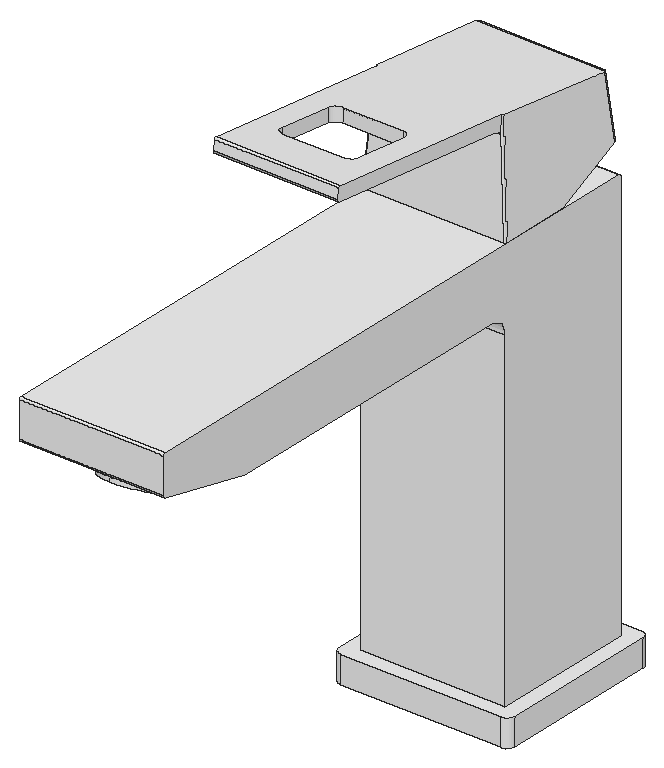
Revit family "Faucet-Lavatory-Grohe-Eurocube-23670000", category Plumbing Fixtures, Revit 2019
Family settings
  Round Connector Dimension = Use Diameter
  Part Type = Normal
  OmniClass Number = 23.45.55.14
  OmniClass Title = Single Faucets
  Work Plane-Based = Yes
  Always vertical = No
  Cut with Voids When Loaded = No
  Shared = Yes
  Room Calculation Point = No
Parameters (values of type "23670000")
  Waste Connection = no
  WFU = 2  # constant formula
  Vent Connection = no
  URL = "https://www.grohe.us/"
  Tempered Water Connection = yes
  Revised Date = "05/31/2023"  # constant formula
  Product Page URL = "https://www.grohe.us/Single-Hole-Faucets/Single-Hole-Single-Handle-M-Size-Bathroom-Faucet-12-GPM/GROHE-CHROME-23670000"
  Product Documentation Link = "https://americanstandard.box.com/shared/static/uikcdflii6fzi28j9h64ykug421v3ghu.pdf"
  Model = "23670000"
  Material = "Metal-Grohe-000-StarLight Chrome"
  Manufacturer = "Grohe"
  Length = 5 1/4"  # constant formula
  Installation Type = "Deck-Mounted"
  Height = 6 3/4"  # constant formula
  HWFU = 1.5  # constant formula
  HW Connection = no
  Flow Rate = "1.2 GPM"
  Finish = Metal-Grohe-000-StarLight Chrome
  Description = "Single Hole Single-Handle M-Size Bathroom Faucet 1.2 GPM"
  Default Elevation = 0"
  Creation Date = "02/06/2017"  # constant formula
  Connection Size = 3/8"  # constant formula
  Compliance Certifications = "• ADA• WaterSense• CEC Certified• Low Lead Certified• CALGreen Compliant• Massachusetts Plumbing Board Approved• Energy Policy Act of 1992• NSF 61• NSF 372• CSA B125.1• ASME A112.18.1• Complies with lead plumbing laws"  # constant formula
  CalGreen Compliant = yes
  CWFU = 1.5  # constant formula
  CW Connection = no
  CEC Compliant = yes
  Assembly Code = "D2020300"
  ADA Compliant = yes
  46786000 Lever = no
  46715000 Fitting Ring = no
  46580000 Cartridge = no
Types (5): name | Product Page URL | Model | Material | Finish
  (no name) | "https://www.grohe.us/Single-Hole-Faucets/Single-Hole-Single-Handle-M-Size-Bathroom-Faucet-12-GPM/GROHE-CHROME-23670000" | "23670000" | "Metal-Grohe-000-StarLight Chrome" | Metal-Grohe-000-StarLight Chrome
  23670000 | "https://www.grohe.us/Single-Hole-Faucets/Single-Hole-Single-Handle-M-Size-Bathroom-Faucet-12-GPM/GROHE-CHROME-23670000" | "23670000" | "Metal-Grohe-000-StarLight Chrome" | Metal-Grohe-000-StarLight Chrome
  23670A00 | "https://www.grohe.us/Single-Hole-Faucets/Single-Hole-Single-Handle-M-Size-Bathroom-Faucet-12-GPM/GROHE-HARD-GRAPHITE-23670A00" | "23670A00" | "Metal-Grohe-A00-Hard Graphite" | Metal-Grohe-A00-Hard Graphite
  23670EN0 | "https://www.grohe.us/Single-Hole-Faucets/Single-Hole-Single-Handle-M-Size-Bathroom-Faucet-12-GPM/GROHE-BRUSHED-NICKEL-23670EN0" | "23670EN0" | "Metal-Grohe-EN0-Brushed Nickel" | Metal-Grohe-EN0-Brushed Nickel
  23670GN0 | "https://www.grohe.us/Single-Hole-Faucets/Single-Hole-Single-Handle-M-Size-Bathroom-Faucet-12-GPM/GROHE-CHROME-23670000" | "23670GN0" | "Metal-Grohe-GN0-Brushed Cool Sunrise" | Metal-Grohe-GN0-Brushed Cool Sunrise
Reference planes (in)
  plane 1 "Center (Front/Back)": y = 0
  plane 2: z = 0
  plane 3 "Center (Left/Right)": x = 0
  plane 4: x = -1.03125
  plane 5: x = 1.03125
  plane 6: y = 1.03125
  plane 7: y = -1.03125
  plane 8: x = -0.84646
  plane 9: x = 0.84646
  plane 10: through (0, -3.8125, 3.6875) normal (0, -0.9205, 0.3907)
  plane 11: x = -0.79326
  plane 12: x = 0.79326
  plane 13: z = 6.75
  plane 14: z = 4.3125
  plane 15: y = -5.25
  plane 16: y = 1.4375
Forms (in)
  Extrusion 1, solid, material "Metal-Grohe-000-StarLight Chrome" <- "Finish"
    sketch origin (0, 0, 0) x (1, 0, 0) y (0, 1, 0)
      loop
        arc (-0.93662, 1.03125) -> (-1.00353, 1.00353) -> (-1.03125, 0.93662) r 0.09463
        line (-1.03125, 0.93662) -> (-1.03125, -0.9375)
        arc (-1.03125, -0.9375) -> (-1.00379, -1.00379) -> (-0.9375, -1.03125) r 0.09375
        line (-0.9375, -1.03125) -> (0.9375, -1.03125)
        arc (0.9375, -1.03125) -> (1.00379, -1.00379) -> (1.03125, -0.9375) r 0.09375
        line (1.03125, -0.9375) -> (1.03125, 0.9375)
        arc (1.03125, 0.9375) -> (1.00379, 1.00379) -> (0.9375, 1.03125) r 0.09375
        line (0.9375, 1.03125) -> (-0.93662, 1.03125)
    from 0 to 0.31496
  Sweep 2, solid, material "Metal-Grohe-000-StarLight Chrome" <- "Finish"
    path origin (0, 0, 0) x (0, 1, 0) y (0, 0, 1)
      loop
        line (1.14577, 2.30418) -> (0.71825, 1.12956)
    profile origin (0, 0.93201, 1.71687) x (0, 0.939693, -0.34202) y (1, 0, 0)
      loop
        circle (0, 0) r 0.07813
  Revolve 3, solid, material "Metal-Grohe-000-StarLight Chrome" <- "Finish"
    sketch origin (0, 0, 0.58124) x (0, 1, 0) y (0, 0, 1)
      loop
        line (0.48244, 4.84381) -> (0, 4.84381) -> (0, 4.36354) -> (0.78769, 4.36354)
        arc (0.78769, 4.36354) -> (0.67976, 4.63209) -> (0.48244, 4.84381) r 0.7908
      axis (0, 4.84381) -> (0, 4.36354)
    angle from 0 to 360
  Blend 4, solid, material "Metal-Grohe-000-StarLight Chrome" <- "Finish"
    base sketch origin (0, 0, 0.58124) x (1, 0, 0) y (0, 1, 0)
      loop
        arc (-0.82677, 0.84646) -> (-0.84069, 0.84069) -> (-0.84646, 0.82677) r 0.01969
        line (-0.84646, 0.82677) -> (-0.84646, -0.82677)
        arc (-0.84646, -0.82677) -> (-0.84069, -0.84069) -> (-0.82677, -0.84646) r 0.01969
        line (-0.82677, -0.84646) -> (0.82677, -0.84646)
        arc (0.82677, -0.84646) -> (0.84069, -0.84069) -> (0.84646, -0.82677) r 0.01969
        line (0.84646, -0.82677) -> (0.84646, 0.82677)
        arc (0.84646, 0.82677) -> (0.84069, 0.84069) -> (0.82677, 0.84646) r 0.01969
        line (0.82677, 0.84646) -> (-0.82677, 0.84646)
    top sketch origin (0, 0, 0.58124) x (1, 0, 0) y (0, 1, 0)
      loop
        line (0.68781, 0.72494) -> (-0.68837, 0.72494)
        arc (-0.68837, 0.72494) -> (-0.71835, 0.71252) -> (-0.73076, 0.68255) r 0.04239
        line (-0.73076, 0.68255) -> (-0.73076, -0.73275)
        arc (-0.73076, -0.73275) -> (-0.7239, -0.74932) -> (-0.70732, -0.75619) r 0.02344
        line (-0.70732, -0.75619) -> (0.70734, -0.75619)
        arc (0.70734, -0.75619) -> (0.72391, -0.74932) -> (0.73078, -0.73275) r 0.02344
        line (0.73078, -0.73275) -> (0.73078, 0.68197)
        arc (0.73078, 0.68197) -> (0.71819, 0.71235) -> (0.68781, 0.72494) r 0.04297
    from 4.60602 to 6.04523
  Extrusion 5, solid, material "Metal-Grohe-000-StarLight Chrome" <- "Finish"
    sketch origin (0, 0, 0.58124) x (0, 1, 0) y (0, 0, 1)
      loop
        line (-3.13618, 6.01245) -> (-0.86052, 5.73304)
        arc (-0.86052, 5.73304) -> (-0.78312, 5.69013) -> (-0.75725, 5.60551) r 0.11811
        line (-0.75725, 5.60551) -> (0.66793, 5.48082) -> (0.66793, 6.58648) -> (-3.08553, 6.58648) -> (-3.15332, 6.03439)
        arc (-3.15332, 6.03439) -> (-3.14929, 6.01987) -> (-3.13618, 6.01245) r 0.01969
    from -0.73076 to 0.73078
  Extrusion 6, void
    sketch origin (0, 0, 0.58124) x (0, 1, 0) y (0, 0, 1)
      loop
        arc (0.73725, 5.69552) -> (0.75821, 5.68683) -> (0.76689, 5.66587) r 0.02965
        line (0.76689, 5.66587) -> (0.82534, 5.66587) -> (0.82534, 6.69882) -> (-3.37397, 6.69882) -> (-3.37397, 6.0964) -> (-3.18075, 6.0964) -> (-3.13893, 6.15162)
        arc (-3.13893, 6.15162) -> (-3.13151, 6.16473) -> (-3.11699, 6.16876) r 0.01969
        line (-3.11699, 6.16876) -> (0.73725, 5.69552)
    from -0.82591 to 0.84646
  Extrusion 7, void
    sketch origin (0, 0, 0.58124) x (1, 0, 0) y (0, 1, 0)
      loop
        line (-0.45276, -1.82688) -> (-0.45276, -2.50982)
        arc (-0.45276, -2.50982) -> (-0.42301, -2.58164) -> (-0.35119, -2.61139) r 0.10156
        line (-0.35119, -2.61139) -> (0.35119, -2.61139)
        arc (0.35119, -2.61139) -> (0.42301, -2.58164) -> (0.45276, -2.50982) r 0.10156
        line (0.45276, -2.50982) -> (0.45276, -1.82873)
        arc (0.45276, -1.82873) -> (0.42301, -1.75692) -> (0.35119, -1.72717) r 0.10156
        line (0.35119, -1.72717) -> (-0.35305, -1.72717)
        arc (-0.35305, -1.72717) -> (-0.42355, -1.75637) -> (-0.45276, -1.82688) r 0.09971
    from 5.36809 to 6.40603
  Extrusion 8, void
    sketch origin (0, 0, 0) x (0, 1, 0) y (0, 0, 1)
      loop
        line (1.03125, 5.63579) -> (0, 5.18726) -> (1.03125, 5.18726) -> (1.03125, 5.63579)
    from -1.03125 to 1.03125
  Extrusion 9, solid, material "Metal-Grohe-000-StarLight Chrome" <- "Finish"
    sketch origin (0, 0, 0.64359) x (0, 1, 0) y (0, 0, 1)
      loop
        line (0.84646, -0.64359) -> (0.84646, 4.50596)
        arc (0.84646, 4.50596) -> (0.84013, 4.52123) -> (0.82485, 4.52756) r 0.0216
        line (0.82485, 4.52756) -> (-5.83552, 4.52756)
        arc (-5.83552, 4.52756) -> (-5.85021, 4.52147) -> (-5.8563, 4.50678) r 0.02078
        line (-5.8563, 4.50678) -> (-5.8563, 4.08648)
        arc (-5.8563, 4.08648) -> (-5.85087, 4.07082) -> (-5.83691, 4.06188) r 0.0253
        line (-5.83691, 4.06188) -> (-4.66309, 3.78007) -> (-1.04487, 3.78007)
        arc (-1.04487, 3.78007) -> (-0.90457, 3.72196) -> (-0.84646, 3.58166) r 0.19841
        line (-0.84646, 3.58166) -> (-0.84646, -0.64359) -> (0.84646, -0.64359)
    from -0.84646 to 0.84646
  Revolve 10, solid, material "Metal-Grohe-000-StarLight Chrome" <- "Finish"
    sketch origin (0, -1.46655, 0.65921) x (0, 1, 0) y (0, 0, 1)
      loop
        line (-4.12126, 3.79998) -> (-3.81865, 3.673) -> (-3.66563, 4.0335) -> (-4.09356, 4.21515) -> (-4.20153, 3.96079)
        arc (-4.20153, 3.96079) -> (-4.20182, 3.92724) -> (-4.17831, 3.90332) r 0.04383
        line (-4.17831, 3.90332) -> (-4.11771, 3.8776) -> (-4.12126, 3.79998)
      axis (-3.66563, 4.0335) -> (-3.81918, 3.67175)
    angle from 0 to 360
  Extrusion 11, solid, material "Metal-Grohe-000-StarLight Chrome" <- "Finish"
    sketch origin (0, -0.0625, 0) x (0, 1, 0) y (0, 0, 1)
      loop
        line (1.49962, 2.39535) -> (0.92205, 2.39535) -> (0.92205, 2.14535) -> (1.49962, 2.14535) -> (1.49962, 2.39535)
    from -0.34003 to 0.35119
Cuts and joins
  Extrusion 6, Extrusion 8 cuts Blend 4
  Extrusion 6, Extrusion 7 cuts Extrusion 5
  joined: Extrusion 1, Sweep 2, Revolve 3, Blend 4, Extrusion 5, Extrusion 9, Revolve 10, Extrusion 11
Lines and regions (in)
  Masking region 1
    outline origin (0, 0, 0) x (1, 0, 0) y (0, 1, 0)
      loop
        line (0.9375, 1.03125) -> (0.35119, 1.03125) -> (0.35119, 1.4375) -> (-0.34003, 1.4375) -> (-0.34003, 1.03125) -> (-0.93662, 1.03125)
        arc (-0.93662, 1.03125) -> (-1.00353, 1.00353) -> (-1.03125, 0.93662) r 0.09463
        line (-1.03125, 0.93662) -> (-1.03125, -0.9375)
        arc (-1.03125, -0.9375) -> (-1.00379, -1.00379) -> (-0.9375, -1.03125) r 0.09375
        line (-0.9375, -1.03125) -> (-0.84646, -1.03125) -> (-0.84646, -5.84794) -> (0.84646, -5.84794) -> (0.84646, -1.03125) -> (0.9375, -1.03125)
        arc (0.9375, -1.03125) -> (1.00379, -1.00379) -> (1.03125, -0.9375) r 0.09375
        line (1.03125, -0.9375) -> (1.03125, 0.9375)
        arc (1.03125, 0.9375) -> (1.00379, 1.00379) -> (0.9375, 1.03125) r 0.09375
  symbolic lines, detail levels medium+fine
    curve 1: line (-0.84646, -1.03125, 0) -> (-0.84646, 0.84646, 0)
    curve 2: line (-0.84646, 0.84646, 0) -> (-0.07812, 0.84646, 0)
    curve 3: line (-0.07812, 0.84646, 0) -> (-0.07812, 0.92205, 0)
    curve 4: line (0.84646, -1.03125, 0) -> (0.84646, 0.84646, 0)
    curve 5: line (0.84646, 0.84646, 0) -> (0.07813, 0.84646, 0)
    curve 6: line (0.07813, 0.84646, 0) -> (0.07813, 0.92205, 0)
    curve 8: line (-0.73076, 0.72858, 0) -> (-0.73076, -3.15347, 0)
    curve 9: line (0.73078, -3.15347, 0) -> (0.73078, 0.72244, 0)
    curve 10: line (-0.73076, -3.15347, 0) -> (0.73078, -3.15347, 0)
    curve 11: line (-0.70438, 0.75496, 0) -> (0.69826, 0.75496, 0)
    curve 22: line (-0.34003, 1.03125, 0) -> (-0.34003, 0.92205, 0)
    curve 23: line (-0.34003, 0.92205, 0) -> (0.35119, 0.92205, 0)
    curve 24: line (0.35119, 0.92205, 0) -> (0.35119, 1.03125, 0)
  symbolic lines, detail levels fine
    curve 7: line (-0.07812, 0.84646, 0) -> (0.07813, 0.84646, 0)
    curve 12: arc (-0.70438, 0.75496, 0) -> (-0.72303, 0.74723, 0) -> (-0.73076, 0.72858, 0) r 0.02638
    curve 13: arc (0.69826, 0.75496, 0) -> (0.72126, 0.74544, 0) -> (0.73078, 0.72244, 0) r 0.03252
    curve 14: line (0.35119, -1.72717, 0) -> (-0.35305, -1.72717, 0)
    curve 15: line (-0.45276, -1.82688, 0) -> (-0.45276, -2.50982, 0)
    curve 16: line (-0.35119, -2.61139, 0) -> (0.35119, -2.61139, 0)
    curve 17: line (0.45276, -2.50982, 0) -> (0.45276, -1.82873, 0)
    curve 18: arc (0.45276, -1.82873, 0) -> (0.42301, -1.75692, 0) -> (0.35119, -1.72717, 0) r 0.10156
    curve 19: arc (-0.35305, -1.72717, 0) -> (-0.42355, -1.75637, 0) -> (-0.45276, -1.82688, 0) r 0.09971
    curve 20: arc (-0.45276, -2.50982, 0) -> (-0.42301, -2.58164, 0) -> (-0.35119, -2.61139, 0) r 0.10156
    curve 21: arc (0.35119, -2.61139, 0) -> (0.42301, -2.58164, 0) -> (0.45276, -2.50982, 0) r 0.10156
Dimensions and locks (in)
  equal spacing: plane 4, plane 3 "Center (Left/Right)", plane 5
  locked: plane 4 to plane 5 at 2.0625
  equal spacing: plane 7, plane 1 "Center (Front/Back)", plane 6
  locked: plane 7 to plane 6 at 2.0625
  "Height": plane 13 to level
  locked: plane 14 to level at 4.3125
  plane 1 "Center (Front/Back)" to plane 15 = 5 1/4"
  plane 1 "Center (Front/Back)" to plane 16 = 1 7/16"
  aligned and locked: plane 6 to Extrusion 1 sketch curve
  aligned and locked: plane 7 to Extrusion 1 sketch curve
  aligned and locked: Extrusion 1 sketch curve to plane 4
  aligned and locked: Extrusion 1 sketch curve to plane 5
  aligned and locked: Masking region 1 sketch curve to plane 16
Automatic sketch dimensions
  plane 8 to Extrusion 1 sketch curve = 0.09104"
  plane 8 to Extrusion 1 sketch curve = 0.09016"
  plane 9 to Extrusion 1 sketch curve = 0.09104"  (x2)
  Sweep 2 sketch curve to plane 3 "Center (Left/Right)" = 0"
  Sweep 2 sketch curve to profile plane = 0"
  Revolve 3 sketch curve to plane 1 "Center (Front/Back)" = 0"  (x2)
  Revolve 3 sketch curve to plane 1 "Center (Front/Back)" = 0.01235"
  Revolve 3 sketch curve to Revolve 3 sketch curve = 0.48244"
  plane 6 to Revolve 3 sketch curve = 0.24356"
  plane 14 to Revolve 3 sketch curve = 0.47664"
  Revolve 3 sketch curve to Revolve 3 sketch curve = 0.15564"
  Revolve 3 sketch curve to Revolve 3 sketch curve = 0.36728"
  Revolve 3 sketch curve to Revolve 3 sketch curve = 0.07697"
  Blend 4 sketch curve to plane 8 = 0"
  Blend 4 sketch curve to plane 9 = 0"
  Blend 4 sketch curve to plane 8 = 0.01969"  (x2)
  Blend 4 sketch curve to plane 9 = 0.01969"  (x2)
  plane 7 to Blend 4 sketch curve = 0.18479"
  plane 6 to Blend 4 sketch curve = 0.20448"
  plane 11 to Blend 4 sketch curve = 1/16"
  Blend 4 sketch curve to Blend 4 sketch curve = 3/128"
  Blend 4 sketch curve to Blend 4 sketch curve = 0.04239"
  plane 12 to Blend 4 sketch curve = 27/256"
  plane 12 to Blend 4 sketch curve = 11/128"
  Blend 4 sketch curve to Blend 4 sketch curve = 11/256"
  plane 7 to Blend 4 sketch curve = 0.27506"
  plane 6 to Blend 4 sketch curve = 0.34928"
  Extrusion 5 sketch curve to plane 13 = 0.13437"
  Extrusion 5 sketch curve to plane 15 = 2.09668"
  Extrusion 5 sketch curve to plane 13 = 0.15631"
  Extrusion 5 sketch curve to Extrusion 5 sketch curve = 0.01714"
  Extrusion 5 sketch curve to Extrusion 5 sketch curve = 0.0024"
  plane 13 to Extrusion 5 sketch curve = 0.41772"
  Extrusion 5 sketch curve to Extrusion 5 sketch curve = 0.06779"
  plane 7 to Extrusion 5 sketch curve = 0.15634"
  Extrusion 5 sketch curve to Extrusion 5 sketch curve = 0.01439"
  Extrusion 5 sketch curve to Extrusion 5 sketch curve = 0.11766"
  plane 6 to Extrusion 5 sketch curve = 0.36332"
  Extrusion 5 sketch curve to plane 13 = 0.43572"
  Extrusion 5 sketch curve to Extrusion 5 sketch curve = 0.11723"
  Extrusion 5 sketch curve to plane 13 = 0.68793"
  Extrusion 6 sketch curve to plane 13 = 0"
  Extrusion 6 sketch curve to plane 13 = 0.07236"
  Extrusion 6 sketch curve to plane 15 = 1.87603"
  Extrusion 6 sketch curve to Extrusion 6 sketch curve = 0.19322"
  Extrusion 6 sketch curve to plane 13 = 0.01714"
  Extrusion 6 sketch curve to Extrusion 6 sketch curve = 0.04183"
  Extrusion 6 sketch curve to Extrusion 6 sketch curve = 5/256"
  Extrusion 6 sketch curve to Extrusion 6 sketch curve = 0.0024"
  plane 6 to Extrusion 6 sketch curve = 0.294"
  Extrusion 6 sketch curve to Extrusion 6 sketch curve = 0.02965"
  Extrusion 6 sketch curve to Extrusion 6 sketch curve = 0.05845"
  Extrusion 6 sketch curve to plane 13 = 0.47324"
  plane 13 to Extrusion 6 sketch curve = 0.53007"
  plane 11 to Extrusion 7 sketch curve = 0.3405"
  Extrusion 7 sketch curve to Extrusion 7 sketch curve = 0.09971"
  Extrusion 7 sketch curve to Extrusion 7 sketch curve = 13/128"  (x2)
  plane 3 "Center (Left/Right)" to Extrusion 7 sketch curve = 0.35119"  (x2)
  Extrusion 7 sketch curve to plane 7 = 1.58014"
  Extrusion 7 sketch curve to Extrusion 7 sketch curve = 0.68109"
  Extrusion 8 sketch curve to plane 1 "Center (Front/Back)" = 0"
  Extrusion 8 sketch curve to plane 6 = 0"
  plane 14 to Extrusion 8 sketch curve = 0.87476"
  Extrusion 8 sketch curve to Extrusion 8 sketch curve = 0.44854"
  Extrusion 9 sketch curve to level = 0"
  plane 15 to Extrusion 9 sketch curve = 0.6063"
  plane 14 to Extrusion 9 sketch curve = 0.39297"
  Extrusion 9 sketch curve to Extrusion 9 sketch curve = 0.01939"
  Extrusion 9 sketch curve to Extrusion 9 sketch curve = 0.02078"
  Extrusion 9 sketch curve to Extrusion 9 sketch curve = 0.0253"
  plane 14 to Extrusion 9 sketch curve = 0.11116"
  Extrusion 9 sketch curve to plane 15 = 0.58691"
  Extrusion 9 sketch curve to plane 7 = 0.01362"
  plane 7 to Extrusion 9 sketch curve = 0.18479"
  plane 6 to Extrusion 9 sketch curve = 0.2064"
  plane 6 to Extrusion 9 sketch curve = 0.18479"
  plane 14 to Extrusion 9 sketch curve = 0.83704"
  plane 15 to Revolve 10 sketch curve = 0.41808"
  plane 14 to Revolve 10 sketch curve = 0.25003"
  Revolve 10 sketch curve to Revolve 10 sketch curve = 0.02322"
  Revolve 10 sketch curve to Revolve 10 sketch curve = 0.01713"
  plane 14 to Revolve 10 sketch curve = 0.14669"
  Revolve 10 sketch curve to Revolve 10 sketch curve = 0.05705"
  Revolve 10 sketch curve to Revolve 10 sketch curve = 0.06059"
  Revolve 10 sketch curve to Revolve 10 sketch curve = 0.10797"
  plane 15 to Revolve 10 sketch curve = 0.03521"
  Revolve 10 sketch curve to plane 15 = 0.11782"
  plane 14 to Revolve 10 sketch curve = 0.01971"
  Revolve 10 sketch curve to Revolve 10 sketch curve = 0.02572"
  Revolve 10 sketch curve to Revolve 10 sketch curve = 0.04035"
  plane 15 to Revolve 10 sketch curve = 0.12045"
  plane 15 to Revolve 10 sketch curve = 0.06923"
  Revolve 10 sketch curve to plane 14 = 0.06044"
  Revolve 10 sketch curve to Revolve 10 sketch curve = 0.12066"
  plane 6 to Sweep 2 sketch curve = 0.313"
  level to Sweep 2 sketch curve = 1.12956"
  Sweep 2 sketch curve to plane 6 = 0.11452"
  Sweep 2 sketch curve to Sweep 2 sketch curve = 1.17462"
  plane 6 to Extrusion 11 sketch curve = 0.1717"
  Extrusion 11 sketch curve to plane 6 = 0.40587"
  level to Extrusion 11 sketch curve = 2.14535"
  Extrusion 11 sketch curve to Extrusion 11 sketch curve = 1/4"
  curve 1 to plane 8 = 0"
  plane 6 to curve 22 = 0"
  plane 6 to curve 24 = 0"
  curve 4 to plane 7 = 0"
  curve 4 to plane 9 = 0"
  curve 1 to plane 7 = 0"
  plane 11 to curve 8 = 1/16"
  curve 8 to curve 12 = 0.02638"
  plane 11 to curve 15 = 0.3405"
  curve 15 to curve 19 = 0.09971"
  curve 20 to curve 16 = 13/128"
  plane 6 to curve 22 = 0.1092"
  curve 22 to plane 3 "Center (Left/Right)" = 0.34003"
  curve 2 to plane 3 "Center (Left/Right)" = 5/64"
  plane 3 "Center (Left/Right)" to curve 5 = 5/64"
  plane 3 "Center (Left/Right)" to curve 14 = 0.35119"
  plane 3 "Center (Left/Right)" to curve 16 = 0.35119"
  curve 6 to curve 23 = 0.27307"
  curve 18 to curve 17 = 13/128"
  plane 12 to curve 11 = 0.095"
  plane 12 to curve 10 = 1/16"
  curve 14 to plane 7 = 0.69592"
  curve 20 to curve 19 = 0.68295"
  curve 8 to curve 20 = 0.54208"
  plane 6 to curve 13 = 0.30881"
  curve 7 to curve 6 = 0.0756"
  Masking region 1 sketch curve to plane 4 = 0"
  Masking region 1 sketch curve to plane 7 = 0"  (x2)
  plane 6 to Masking region 1 sketch curve = 0"  (x2)
  Masking region 1 sketch curve to plane 8 = 0"
  Masking region 1 sketch curve to plane 9 = 0"
  Masking region 1 sketch curve to plane 5 = 0"
  Masking region 1 sketch curve to Masking region 1 sketch curve = 0.09104"
  plane 8 to Masking region 1 sketch curve = 0.09016"
  Masking region 1 sketch curve to plane 3 "Center (Left/Right)" = 0.34003"
  plane 3 "Center (Left/Right)" to Masking region 1 sketch curve = 0.35119"
  plane 9 to Masking region 1 sketch curve = 0.09104"  (x2)
  plane 15 to Masking region 1 sketch curve = 0.59794"
  radius of Sweep 2 sketch curve = 5/64"
Connectors (in)
  piping at (0.00011, -0.00011, 0), diameter 0.375, driven by "Connection Size"
    settings: on cut or joined group of Extrusion 1, Sweep 2, Revolve 3, Blend 4, Extrusion 5, Extrusion 6, Extrusion 7, Extrusion 8, Extrusion 9, Revolve 10, Extrusion 11, index 1, connector inside diameter 24", connector length 0", flow factor 0, pipe flow 0 GPM, pressure drop 0.00 psi, fitting loss kfactor 0, connector angle 0.00°, fixture units 0, engagement length 0", angle of deflection 0.00°, flow configuration 0, flow direction 1, fitting loss method 0, system type 29, joint type 0, gender type 0, connector reference index -1, connector utility 0, adjustable connector no, is connector primary yes, connector description "3/8\" Inlet Supply Connection"
